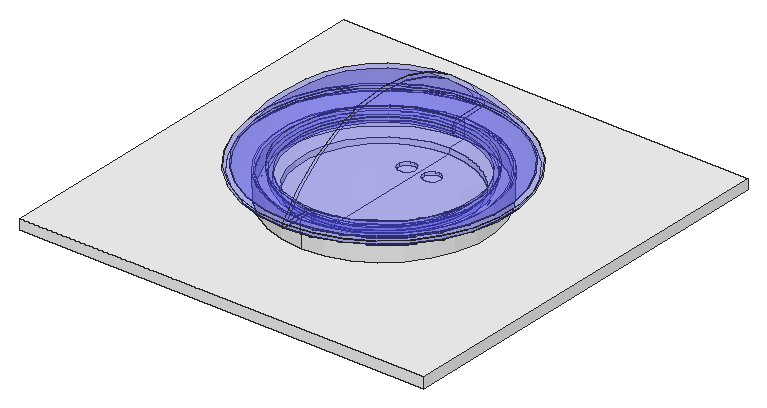
Revit family "BE_24028_de_DE", category Leuchten, Revit 2020
Family settings
  Basisbauteil = Fläche
  Bemaßung runder Anschluss = Durchmesser verwenden
  Teiletyp = Normal
  Beim Laden mit Abzugskörper schneiden = Ja
  Lichtquelle = Ja
  Gemeinsam genutzt = Nein
  Raumberechnungspunkt = Ja
Parameters (values of type "BEGA_24028_Weiß_K4")
  built-in parameter 1150104 = 13.88 (stored number, unit not read)
  Wattage = 7.9 W
  Default Elevation = 0 mm
  built-in parameter 1150113 = 1 (stored number, unit not read)
  built-in parameter 1114218 = 1 (stored number, unit not read)
  Umgebungstemperatur = "25 °C"
  URL = "https://www.bega.com/de/produkt/24028"
  Typenkommentare = "© 2022 BEGA. Wir behalten uns das Recht vor, technische Änderungen ohne vorherige Ankündigung vorzunehmen."  # constant formula
  Type Image = 24028.png
  built-in parameter 1150134 = 12
  built-in parameter 1150109 = 1 (stored number, unit not read)
  Strom = ""
  built-in parameter 1150110 = 1 (stored number, unit not read)
  Spannung = 239.996 V
  Sonderanfertigung = no
  Seriennummer [instance] = "Hier können Sie die eindeutige Seriennummer für das Facility Management eintragen."
  Schutzklasse = "I"
  Schutzart = "IP 65"
  Scheinlast = 0 VA
  Produktdatenblatt = "https://cdn.bega.com/bega/products/24028K3/current/documents/data-sheets/de"
  Oberflächentemperatur = ""
  Neigungswinkel = 0.00°
  Modell = "24028K4"
  Material_17 = BEGA_Reflektor
  Material_15 = BEGA_Leuchtmedium_matt
  Material_11 = BEGA_Glas_opal
  Material_09 = BEGA_Glas_klar
  Material_06 = BEGA_Oberfläche_Edelstahl_gebürstet
  Material_05 = BEGA_Oberfläche_Aluminium Guss
  Material_03 = BEGA_Oberfläche_Weiss_matt
  Material_02 = BEGA_Oberfläche_Silber_matt
  Material_01 [instance] = BEGA_Oberfläche_Grafit_matt
  M_W = yes
  M_G = no
  M_A = no
  Logo = 0
  built-in parameter 1114217 = 1 (stored number, unit not read)
  built-in parameter 1150139 = (empty or 0)
  built-in parameter 1150105 = 93.922 (stored number, unit not read)
  built-in parameter 1150114 = 1 (stored number, unit not read)
  Lumens = 1180.26 lm
  built-in parameter 1150115 = 1 (stored number, unit not read)
  Leuchtenlichtstrom = "1109 lm"
  Leuchtenanzahl = ""
  Lebensdauerkriterien = "L70B50 @ 25 °C = 200000 h"
  Lastklassifizierung = Beleuchtung
  built-in parameter 1150112 = 1 (stored number, unit not read)
  Lampenlichtstrom = "1470 lm"
  Lampe = "LED 7.8 W"
  LED_Modulbezeichnung = "LED-0916/840"
  Hersteller = "BEGA"  # constant formula
  Halbstreuwinkel = ""
  Gewicht = "1.6 kg"
  Gebrauchslageneinschränkung [instance] = ""
  Frequenz = "0/50-60 Hz"
  Farbwiedergabeindex = "CRI > 80"
  Farbtemperaturverschiebung bei Dämpfen der Lampe = <Keine Auswahl>
  Farbtemperatur = "4000 K"
  Color Filter = 16777215
  built-in parameter 1150133 = 10 (stored number, unit not read)
  Energieeffizienzklasse = "LED A++ - A"
  built-in parameter 1150137 = (empty or 0)
  built-in parameter 1150132 = (empty or 0)
  ENEC = "ja"
  Dimmbar [instance] = ""
  Datei für fotometrisches Netz = "BE_24028K4.IES"
  CE_Konformität = "ja"
  Bestellnummer = "24028K4"
  Beschreibung_Sonderanfertigung = "Hier können Sie Informationen zur Sonderanfertigung eintragen."
  Beschreibung = "Decken- und Wandleuchte"
  built-in parameter 1150106 = 0.93922 (stored number, unit not read)
  Befestigungsbohrung = "Ø 5,5 mm"
  Befestigungsabstand = "190 mm"
  Ballwurfsicher = ""
  BEGA_Intern_aus = yes
  BEGA_Intern_an = yes
  BEGA_Intern_Konstruktion = yes
  BEGA_Intern = yes
  BEGA_IES = yes
  BEGA_Dummy = no
  Anschlussleitung = ""
  Anschlussleistung [instance] = "9 W"
  Anschlusskasten = ""
  built-in parameter 1150107 = 4000 (stored number, unit not read)
  built-in parameter 1150102 = (empty or 0)
  built-in parameter 1150138 = (empty or 0)
  Aktualisierung = "2022-05-18T04:00:07"
  Abstand_zur_angestrahlten_Fläche [instance] = ""
  AC/DC = "AC/DC"
Types (2, lengths in mm): name | built-in parameter 1150134 | Modell | Leuchtenlichtstrom | Lampenlichtstrom | LED_Modulbezeichnung | Farbtemperatur | Datei für fotometrisches Netz | Bestellnummer | built-in parameter 1150107
  BEGA_24028_Weiß_K3 | (empty or 0) | "24028K3" | "1094 lm" | "1450 lm" | "LED-0916/830" | "3000 K" | "BE_24028K3.IES" | "24028K3" | 3000 (stored number, unit not read)
  BEGA_24028_Weiß_K4 | 12 | "24028K4" | "1109 lm" | "1470 lm" | "LED-0916/840" | "4000 K" | "BE_24028K4.IES" | "24028K4" | 4000 (stored number, unit not read)
Reference planes
  plane 1 "Mitte (Vorne/Hinten)": y = 0
  plane 2: z = 0
  plane 3 "Mitte (Links/Rechts)": x = 0
  plane 4 "Links": x = -125
  plane 5 "Rechts": x = 125
  plane 6 "Unten": y = -125
  plane 7 "Oben": y = 125
  plane 8 "Vorne": z = 99
  plane 9 "Hinten": z = 0
Forms (mm)
  Extrusion 1, solid, material "BEGA_Platte_Weiss"
    sketch origin (0, -1119.2, 0) x (1, 0, 0) y (0, 1, 0)
      loop
        line (-200, 1319.2) -> (-200, 919.2) -> (200, 919.2) -> (200, 1319.2) -> (-200, 1319.2)
    from 0 to -10
  Extrusion 2, solid, material "BEGA_Dummy_matt", visible <- "BEGA_Dummy"
    sketch origin (77.149, -76.023, 0) x (1, 0, 0) y (0, 1, 0)
      loop
        circle (-77.149, 76.023) r 125
    from 0 to 99
Dimensions and locks
  plane 1 "Mitte (Vorne/Hinten)" to Extrusion 1 = 200 mm
  aligned and locked: plane 2 to Extrusion 1
  aligned and locked: level to Extrusion 1
Nested families
  nested 1: "BE_24028" at (0, 0, 0), type "BE_24028"
Connectors
  electrical at (0, 0, 0), driven by "Lastklassifizierung", driven by "Spannung", driven by "Scheinlast"
    settings: index 1, voltage 239.996 V, apparent load 0 VA, apparent load phase1 0 VA, apparent load phase2 0 VA, apparent load phase3 0 VA, power factor 1, load classification "Beleuchtung", number of poles 1, system type 31, power factor state 1, is connector primary yes, connector utility no, sub classification motor no, connector description ""
Definition of nested family "BE_24028"
  Parameters (values of type "BE_24028")
    Default Elevation = 1 mm
    URL = "http://www.bega.de/de/produkt"
    Type Comments = "© 2015 BEGA. Wir behalten uns das Recht vor, technische Änderungen ohne vorherige Ankündigung vorzunehmen. "  # constant formula
    Type Image = (empty or 0)
    Neigungswinkel_um_Z2 = 0.00°
    Neigungswinkel_um_Z1 = 0.00°
    Neigungswinkel_um_Y2 = 0.00°
    Neigungswinkel_um_Y1 = 0.00°
    Neigungswinkel_um_X2 = 0.00°
    Neigungswinkel_um_X1 = 0.00°
    Material_17 = none
    Material_15 = none
    Material_11 = none
    Material_09 = none
    Material_06 = none
    Material_05 = none
    Material_03 = none
    Material_02 = none
    Material_01 = none
    M_W = yes
    M_G = yes
    M_A = yes
    Länge_Platte = 300 mm  # constant formula
    Höhe_Platte = -10 mm  # constant formula
    Manufacturer = "BEGA"  # constant formula
    Drehwinkel_um_Z2 = 0.00°
    Drehwinkel_um_Z1 = 0.00°
    Breite_Platte = 300 mm  # constant formula
  Reference planes
    plane 1 "Mitte (Oben/Unten)": y = 0
    plane 2: z = 0
    plane 3 "Mitte (Links/Rechts)": x = 0
    plane 4: y = -125
    plane 5: z = 99
    plane 6: y = 125
    plane 7: x = -125
    plane 8: x = 125
  Forms (mm)
    Extrusion 1, solid, detail levels medium
      sketch origin (0, 0, 0) x (1, 0, 0) y (0, 1, 0)
        loop
          line (-150, 150) -> (-150, -150) -> (150, -150) -> (150, 150) -> (-150, 150)
      from 0 to -10 <- "Höhe_Platte"
    Revolve 2, solid, material <- "Material_03", detail levels medium+fine
      sketch origin (0, 0, 0) x (0, 1, 0) y (0, 0, 1)
        loop
          line (-102, 26) -> (-101.555, 0.5) -> (-100.69, 0.5)
          arc (-100.69, 0.5) -> (-99.99, 0.786) -> (-99.691, 1.481) r 1
          line (-99.691, 1.481) -> (-99.62, 5.5) -> (-84.101, 5.5)
          arc (-84.101, 5.5) -> (-83.406, 5.219) -> (-83.101, 4.535) r 1
          line (-83.101, 4.535) -> (-82.995, 1.5) -> (0, 1.5) -> (0, 4) -> (-80.581, 4) -> (-80.77, 9.417) -> (-98.921, 9.417) -> (-99.448, 24.5) -> (-100.948, 26) -> (-102, 26)
        axis (0, 26) -> (0, 0.5)
      angle from 0 to 360
    Revolve 3, solid, material <- "Material_03", detail levels medium+fine
      sketch origin (93.55, 0, 0) x (0, 1, 0) y (0, 0, 1)
        loop
          arc (-6.9, 0.5) -> (-6.534, 0.134) -> (-6.034, 0) r 1
          line (-6.034, 0) -> (-2.5, 0) -> (-2.5, 5.828) -> (-7.84, 5.828) -> (-6.9, 0.5)
        axis (0, 5.828) -> (0, 0)
      angle from 0 to 360
    Revolve 4, solid, material <- "Material_03", detail levels medium+fine
      sketch origin (-93.55, 0, 0) x (0, 1, 0) y (0, 0, -1)
        loop
          line (-6.9, -0.5) -> (-7.84, -5.828) -> (-2.5, -5.828) -> (-2.5, 0) -> (-6.034, 0)
          arc (-6.034, 0) -> (-6.534, -0.134) -> (-6.9, -0.5) r 1
        axis (0, -5.828) -> (0, 0)
      angle from 0 to 360
    Extrusion 5, void
      sketch origin (0, 0, 0) x (1, 0, 0) y (0, 1, 0)
        loop
          circle (-12.315, 44.209) r 8.5
        loop
          circle (12.315, 44.209) r 8.5
      from 0 to 9
    Revolve 6, solid, material <- "Material_11", detail levels medium+fine
      sketch origin (0, 0, 0) x (0, 1, 0) y (0, 0, 1)
        loop
          arc (-124.511, 31.994) -> (-124.657, 28.96) -> (-122.079, 27.353) r 3
          line (-122.079, 27.353) -> (-91.449, 26.551)
          arc (-91.449, 26.551) -> (-90.038, 25.917) -> (-89.502, 24.465) r 2
          line (-89.502, 24.465) -> (-89.5, 19) -> (-85.5, 19) -> (-85.5, 24.56)
          arc (-85.5, 24.56) -> (-87.207, 28.743) -> (-91.348, 30.55) r 6
          line (-91.348, 30.55) -> (-118.318, 31.256)
          arc (-118.318, 31.256) -> (-119.175, 31.787) -> (-119.135, 32.794) r 1
          arc (-119.135, 32.794) -> (-67.199, 78.512) -> (0, 95) r 145.185
          line (0, 95) -> (0, 99)
          arc (0, 99) -> (-70.698, 81.185) -> (-124.511, 31.994) r 149.186
        axis (0, 99) -> (0, 19)
      angle from 0 to 360
  Cuts and joins
    Extrusion 5 cuts Revolve 2
    Extrusion 5 cuts Revolve 3
    Extrusion 5 cuts Revolve 4
    joined: Revolve 2, Revolve 3, Revolve 4
  Dimensions and locks
    equal spacing: Extrusion 1 sketch curve, plane 3 "Mitte (Links/Rechts)", Extrusion 1 sketch curve
    equal spacing: Extrusion 1 sketch curve, plane 1 "Mitte (Oben/Unten)", Extrusion 1 sketch curve
    "Länge_Platte": Extrusion 1 sketch curve to Extrusion 1 sketch curve
    "Breite_Platte": Extrusion 1 sketch curve to Extrusion 1 sketch curve
    aligned and locked: plane 2 to Extrusion 1
    aligned and locked: level to Extrusion 1
  Automatic sketch dimensions
    Revolve 2 sketch curve to plane 1 "Mitte (Oben/Unten)" = 0 mm  (x2)
    level to Revolve 2 sketch curve = 4 mm
    plane 1 "Mitte (Oben/Unten)" to Revolve 2 sketch curve = 80.581 mm
    level to Revolve 2 sketch curve = 9.417 mm
    Revolve 2 sketch curve to Revolve 2 sketch curve = 0.189 mm
    level to Revolve 2 sketch curve = 1.5 mm
    Revolve 2 sketch curve to Revolve 2 sketch curve = 2.414 mm
    Revolve 2 sketch curve to Revolve 2 sketch curve = 3.52 mm
    Revolve 2 sketch curve to Revolve 2 sketch curve = 14.82 mm
    level to Revolve 2 sketch curve = 24.5 mm
    Revolve 2 sketch curve to Revolve 2 sketch curve = 0.527 mm
    level to Revolve 2 sketch curve = 5.5 mm
    Revolve 2 sketch curve to Revolve 2 sketch curve = 0.699 mm
    level to Revolve 2 sketch curve = 1.481 mm
    Revolve 2 sketch curve to Revolve 2 sketch curve = 0.07 mm
    Revolve 2 sketch curve to Revolve 2 sketch curve = 1 mm  (x2)
    Revolve 2 sketch curve to Revolve 2 sketch curve = 1.5 mm
    level to Revolve 2 sketch curve = 0.5 mm
    Revolve 2 sketch curve to Revolve 2 sketch curve = 0.865 mm
    level to Revolve 2 sketch curve = 26 mm
    Revolve 2 sketch curve to Revolve 2 sketch curve = 1.052 mm
    level to Revolve 2 sketch curve = 4.535 mm
    Revolve 2 sketch curve to Revolve 2 sketch curve = 0.999 mm
    Revolve 2 sketch curve to Revolve 2 sketch curve = 0 mm  (x2)
    Revolve 2 sketch curve to level = 2 mm
    Revolve 3 sketch curve to level = 0 mm  (x2)
    Revolve 3 sketch curve to plane 1 "Mitte (Oben/Unten)" = 0 mm
    plane 1 "Mitte (Oben/Unten)" to Revolve 3 sketch curve = 2.5 mm
    level to Revolve 3 sketch curve = 1 mm
    Revolve 3 sketch curve to Revolve 3 sketch curve = 3.534 mm
    level to Revolve 3 sketch curve = 0.5 mm
    Revolve 3 sketch curve to Revolve 3 sketch curve = 1.805 mm
    Revolve 3 sketch curve to Revolve 3 sketch curve = 4.828 mm
    Revolve 3 sketch curve to Revolve 3 sketch curve = 3.047 mm
    Revolve 4 sketch curve to level = 0 mm  (x2)
    Revolve 4 sketch curve to plane 1 "Mitte (Oben/Unten)" = 0 mm
    plane 1 "Mitte (Oben/Unten)" to Revolve 4 sketch curve = 2.5 mm
    level to Revolve 4 sketch curve = 1 mm
    Revolve 4 sketch curve to Revolve 4 sketch curve = 3.534 mm
    level to Revolve 4 sketch curve = 0.5 mm
    Revolve 4 sketch curve to Revolve 4 sketch curve = 1.805 mm
    Revolve 4 sketch curve to Revolve 4 sketch curve = 4.828 mm
    Revolve 4 sketch curve to Revolve 4 sketch curve = 3.047 mm
    Extrusion 5 sketch curve to plane 3 "Mitte (Links/Rechts)" = 12.315 mm
    plane 3 "Mitte (Links/Rechts)" to Extrusion 5 sketch curve = 12.315 mm
    Extrusion 5 sketch curve to plane 1 "Mitte (Oben/Unten)" = 44.209 mm
    Extrusion 5 sketch curve to Extrusion 5 sketch curve = 0 mm
    Revolve 6 sketch curve to plane 1 "Mitte (Oben/Unten)" = 0 mm  (x3)
    plane 1 "Mitte (Oben/Unten)" to Revolve 6 sketch curve = 0 mm
    level to Revolve 6 sketch curve = 24.56 mm
    plane 1 "Mitte (Oben/Unten)" to Revolve 6 sketch curve = 85.5 mm
    Revolve 6 sketch curve to Revolve 6 sketch curve = 4 mm  (x2)
    level to Revolve 6 sketch curve = 24.465 mm
    Revolve 6 sketch curve to Revolve 6 sketch curve = 4.002 mm
    level to Revolve 6 sketch curve = 30.55 mm
    Revolve 6 sketch curve to Revolve 6 sketch curve = 1.846 mm
    level to Revolve 6 sketch curve = 26.551 mm
    Revolve 6 sketch curve to Revolve 6 sketch curve = 1.947 mm
    Revolve 6 sketch curve to Revolve 6 sketch curve = 1.998 mm
    Revolve 6 sketch curve to Revolve 6 sketch curve = 0 mm  (x5)
    Revolve 6 sketch curve to Revolve 6 sketch curve = 26.944 mm
    Revolve 6 sketch curve to Revolve 6 sketch curve = 3.708 mm
    Revolve 6 sketch curve to Revolve 6 sketch curve = 5.465 mm
    Revolve 6 sketch curve to level = 50.186 mm
    level to Revolve 6 sketch curve = 30.352 mm
    Revolve 6 sketch curve to Revolve 6 sketch curve = 1.904 mm
    level to Revolve 6 sketch curve = 95 mm
    level to Revolve 6 sketch curve = 31.256 mm
    Revolve 6 sketch curve to Revolve 6 sketch curve = 0.026 mm
    Revolve 6 sketch curve to Revolve 6 sketch curve = 0.843 mm
    level to Revolve 6 sketch curve = 27.353 mm
    Revolve 6 sketch curve to Revolve 6 sketch curve = 0.079 mm
    Revolve 6 sketch curve to Revolve 6 sketch curve = 2.511 mm
    Revolve 6 sketch curve to Revolve 6 sketch curve = 8.396 mm
    radius of Extrusion 5 sketch curve = 8.5 mm  (x2)
